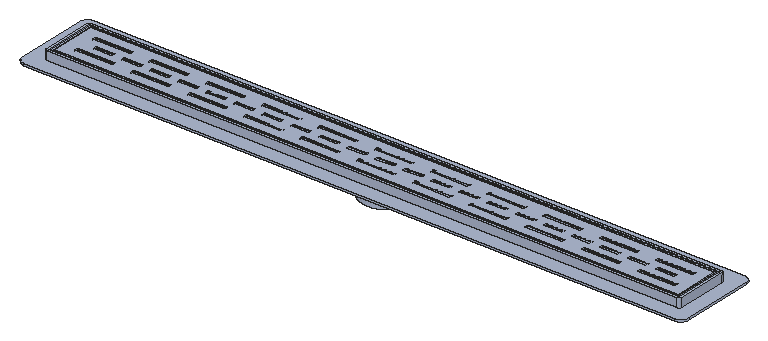
Revit family "BRG-CMP-REJ_REJILLA DE DISEÑO 60 X 8 CM CON TRAMPA v03", category Aparatos sanitarios, Revit 2019
Family settings
  Cota de conector redondo = Diámetro de uso
  Tipo de pieza = Normal
  Número OmniClass = 23.45.00.00
  Título OmniClass = Sanitary, Laundry, and Cleaning Equipment
  Se basa en plano de trabajo = No
  Siempre vertical = Sí
  Corte con vacíos al cargar = No
  Compartido = Sí
  Punto de cálculo de habitación = Sí
Parameters (values of type "REJILLA DE DISEÑO 60 X 8 CM CON TRAMPA")
  _EDESA_ Sku/código = "SZ0020120001CW"
  _EDESA_ Materiales = "Acero inoxidable S304"
  _EDESA_ Garantía = "10 años"
  _EDESA_ Cumple normativa ADA = ""
  _EDESA_ Contacto comercial = "(02) 395 2900"
  _EDESA_ Conexión hidráulica = "Salida de agua: tubería PVC 50"
  _EDESA_ Certificación = "0"
  _EDESA_ Productos necesarios para instalación = ""
  _EDESA_ Productos incluídos = ""
  _EDESA_ Color = "acero inoxidable"
  _EDESA_ Descripción = "Rejilla de piso decorativa."
  _EDESA_ Peso en kg = "1.8 kg"
  _EDESA_ Consumo/capacidad de agua en L = "0"
  _EDESA_ Distancia de instalación en cm (muro terminado) = "0"
  _EDESA_ Tipo de instalación = "Al piso"
  _EDESA_ Profundidad en cm = "8"
  _EDESA_ Categoría = "Productos > Complementos > Rejillas"
  _EDESA_ BIM Manager = "Arq. Milton Ruano"
  _EDESA_ Autor BIM = "www.bimplus.com.ec (bimplus.arquitectura.integrada@gmail.com)"
  _EDESA_ Ancho en cm = "60"
  _EDESA_ Alto en cm = "7"
  _EDESA_ Manual de Instalación = ""
  _EDESA_ Nombre = "REJILLA DE DISEÑO 60 X 8 CM CON TRAMPA"
  _ALT_Eje instalación = 0.60 m
  _ALT_Basamento = 0.85 m
  URL = "https://www.briggs.com.ec/productos/fichastecnicaspdf/Briggs/Complementos/Rejilla_de_diseno_60.pdf"
  Modelo = "REJILLA DE DISEÑO 60 X 8 CM CON TRAMPA"
  Imagen de tipo = <Ninguno>
  Fabricante = "BRIGGS Ecuador"
  Conexión de ventilación = yes
  Conexión de residuos = yes
  Conexión AF = yes
  Conexión AC = yes
Reference planes (m)
  plane 1 "Centro (Frontal/Posterior)": y = 0
  plane 2: z = 0
  plane 3 "Centro (Izquierda/Derecha)": x = 0
Dimensions and locks (m)
  aligned and locked: level to plane 2
  aligned and locked: plane 3 "Centro (Izquierda/Derecha)" to nested 1
  aligned and locked: plane 1 "Centro (Frontal/Posterior)" to nested 1
Nested families (m)
  nested 1: "REJILLA CON TRAMPA" at (0, 0, 0), type "REJILLA DE DISEÑO 60 X 8 CM CON TRAMPA"
Connectors (m)
  piping at (0, 0, -0.045), diameter 0.0514
    settings: on nested 1, index 1, connector inside diameter 609.6 mm, connector length 0.00 m, flow factor 0, pipe flow 0.0 L/s, pressure drop 0.0 Pa, fitting loss kfactor 0, connector angle 0.00°, fixture units 0, engagement length 0.00 m, angle of deflection 0.00°, flow configuration 0, flow direction 2, fitting loss method 0, system type 16, joint type 0, gender type 0, connector reference index -1, connector utility 0, adjustable connector no, is connector primary yes, connector description ""
Definition of nested family "REJILLA CON TRAMPA"
  Parameters (values of type "REJILLA DE DISEÑO 60 X 8 CM CON TRAMPA")
    _EDESA_tipo genérico = "Inodoro"
    _EDESA_URL de ficha técnica = "https://edesa.com.ec/productos/fichastecnicaspdf/Edesa/Sanitarios/Andes.pdf"
    _EDESA_Imagen = 0
    _EDESA_Fábrica nacional = "EDESA Ecuador"
    _EDESA_Código de producto = "JS0022641301CE"
    _EDESA_ Tolerancia dimensional = "± 3% > 20 cm ± 5% < 20 cm"
    _EDESA_ Tipo de montaje / instalación = "30.5 cm"
    _EDESA_ Superficie del agua = "15.5 cm x 18.8 cm"
    _EDESA_ SKU = "JS0022641301CE"
    _EDESA_ Material secundario = "Plástico blanco"
    _EDESA_ Material principal = "Porcelana tono verde mist"
    _EDESA_ Altura = 72.80 m
    _EDESA_ Peso = "23.20 Kg"
    _EDESA_ Nivel mínimo del agua del tanque = "17.5 cm"
    _EDESA_ Largo = 67.50 m
    _EDESA_ Espesor mínimo = "0.6 cm"
    _EDESA_ Diámetro trampa = "4.8 cm"
    _EDESA_ Color = "Blanco"
    _EDESA_ Categoria = "Two pieces"
    _EDESA_ Capacidad / consumo de agua = "4.8 litros"
    _EDESA_ Ancho = 36.50 m
    _EDESA_ Altura de sello = "N/A"
    _ALT_Toma = 0.60 m
    _ALT_Meson = 0.85 m
    URL = "https://edesa.com.ec/productos/fichastecnicaspdf/Edesa/Sanitarios/Andes.pdf"
    Model = "_Edesa_ INODORO ANDES C/A BLANCO"
    Type Image = element 381866
    Manufacturer = "EDESA Ecuador"
    Vent Connection = no
    Waste Connection = no
    CW Connection = no
    HW Connection = no
  Reference planes (m)
    plane 1 "Centro (Frontal/Posterior)": y = 0
    plane 2: z = 0
    plane 3 "Centro (Izquierda/Derecha)": x = 0
    plane 4 "_Alt_Altura de Meson": z = 0.85
    plane 5 "RP_Llave": through (4.2672, -0.123674, 0.899943) normal (0, 0.2588, 0.9659)
    plane 6 "Centro I/E": z = 0.946565
    plane 7 "_RP_Eje": z = 0.6
  Forms (m)
    Extrusion 1, solid
      sketch origin (0, 0, 0) x (1, 0, 0) y (0, 1, 0)
        loop
          arc (-0.473077, 0.063462) -> (-0.481236, 0.060082) -> (-0.484615, 0.051923) r 0.011538
          line (-0.484615, 0.051923) -> (-0.484615, -0.051923)
          arc (-0.484615, -0.051923) -> (-0.481236, -0.060082) -> (-0.473077, -0.063462) r 0.011538
          line (-0.473077, -0.063462) -> (0.473077, -0.063462)
          arc (0.473077, -0.063462) -> (0.481236, -0.060082) -> (0.484615, -0.051923) r 0.011538
          line (0.484615, -0.051923) -> (0.484615, 0.051923)
          arc (0.484615, 0.051923) -> (0.481236, 0.060082) -> (0.473077, 0.063462) r 0.011538
          line (0.473077, 0.063462) -> (-0.473077, 0.063462)
        loop
          arc (0.458769, 0.036923) -> (0.458566, 0.037413) -> (0.458077, 0.037615) r 0.000692
          line (0.458077, 0.037615) -> (-0.458077, 0.037615)
          arc (-0.458077, 0.037615) -> (-0.458566, 0.037413) -> (-0.458769, 0.036923) r 0.000692
          line (-0.458769, 0.036923) -> (-0.458769, -0.036923)
          arc (-0.458769, -0.036923) -> (-0.458566, -0.037413) -> (-0.458077, -0.037615) r 0.000692
          line (-0.458077, -0.037615) -> (0.458077, -0.037615)
          arc (0.458077, -0.037615) -> (0.458566, -0.037413) -> (0.458769, -0.036923) r 0.000692
          line (0.458769, -0.036923) -> (0.458769, 0.036923)
      from -0.014 to -0.012
    Extrusion 2, solid
      sketch origin (0, 0, 0) x (1, 0, 0) y (0, 1, 0)
        loop
          arc (-0.456692, -0.035038) -> (-0.456546, -0.035392) -> (-0.456192, -0.035538) r 0.0005
          line (-0.456192, -0.035538) -> (0.456192, -0.035538)
          arc (0.456192, -0.035538) -> (0.456546, -0.035392) -> (0.456692, -0.035038) r 0.0005
          line (0.456692, -0.035038) -> (0.456692, 0.035038)
          arc (0.456692, 0.035038) -> (0.456546, 0.035392) -> (0.456192, 0.035538) r 0.0005
          line (0.456192, 0.035538) -> (-0.456192, 0.035538)
          arc (-0.456192, 0.035538) -> (-0.456546, 0.035392) -> (-0.456692, 0.035038) r 0.0005
          line (-0.456692, 0.035038) -> (-0.456692, -0.035038)
        loop
          circle (0, 0) r 0.03
      from -0.024 to -0.02
    Extrusion 3, solid
      sketch origin (0, 0, 0) x (1, 0, 0) y (0, 1, 0)
        loop
          arc (-0.453885, 0.034154) -> (-0.454238, 0.034007) -> (-0.454385, 0.033654) r 0.0005
          line (-0.454385, 0.033654) -> (-0.454385, -0.032731)
          arc (-0.454385, -0.032731) -> (-0.454238, -0.033084) -> (-0.453885, -0.033231) r 0.0005
          line (-0.453885, -0.033231) -> (0.453885, -0.033231)
          arc (0.453885, -0.033231) -> (0.454238, -0.033084) -> (0.454385, -0.032731) r 0.0005
          line (0.454385, -0.032731) -> (0.454385, 0.033654)
          arc (0.454385, 0.033654) -> (0.454238, 0.034007) -> (0.453885, 0.034154) r 0.0005
          line (0.453885, 0.034154) -> (-0.453885, 0.034154)
        loop
          arc (0.385122, -0.014759) -> (0.384351, -0.015078) -> (0.384031, -0.01585) r 0.001091
          line (0.384031, -0.01585) -> (0.384031, -0.019122)
          arc (0.384031, -0.019122) -> (0.384351, -0.019894) -> (0.385122, -0.020213) r 0.001091
          line (0.385122, -0.020213) -> (0.437486, -0.020213)
          arc (0.437486, -0.020213) -> (0.438257, -0.019894) -> (0.438577, -0.019122) r 0.001091
          line (0.438577, -0.019122) -> (0.438577, -0.01585)
          arc (0.438577, -0.01585) -> (0.438257, -0.015078) -> (0.437486, -0.014759) r 0.001091
          line (0.437486, -0.014759) -> (0.385122, -0.014759)
        loop
          arc (0.424941, 0.000514) -> (0.424621, 0.001285) -> (0.42385, 0.001605) r 0.001091
          line (0.42385, 0.001605) -> (0.398759, 0.001605)
          arc (0.398759, 0.001605) -> (0.397987, 0.001285) -> (0.397668, 0.000514) r 0.001091
          line (0.397668, 0.000514) -> (0.397668, -0.002759)
          arc (0.397668, -0.002759) -> (0.397987, -0.00353) -> (0.398759, -0.00385) r 0.001091
          line (0.398759, -0.00385) -> (0.42385, -0.00385)
          arc (0.42385, -0.00385) -> (0.424621, -0.00353) -> (0.424941, -0.002759) r 0.001091
          line (0.424941, -0.002759) -> (0.424941, 0.000514)
        loop
          arc (0.385122, 0.017969) -> (0.384351, 0.017649) -> (0.384031, 0.016878) r 0.001091
          line (0.384031, 0.016878) -> (0.384031, 0.013605)
          arc (0.384031, 0.013605) -> (0.384351, 0.012834) -> (0.385122, 0.012514) r 0.001091
          line (0.385122, 0.012514) -> (0.437486, 0.012514)
          arc (0.437486, 0.012514) -> (0.438257, 0.012834) -> (0.438577, 0.013605) r 0.001091
          line (0.438577, 0.013605) -> (0.438577, 0.016878)
          arc (0.438577, 0.016878) -> (0.438257, 0.017649) -> (0.437486, 0.017969) r 0.001091
          line (0.437486, 0.017969) -> (0.385122, 0.017969)
        loop
          arc (0.384031, 0.000514) -> (0.383712, 0.001285) -> (0.382941, 0.001605) r 0.001091
          line (0.382941, 0.001605) -> (0.35785, 0.001605)
          arc (0.35785, 0.001605) -> (0.357078, 0.001285) -> (0.356759, 0.000514) r 0.001091
          line (0.356759, 0.000514) -> (0.356759, -0.002759)
          arc (0.356759, -0.002759) -> (0.357078, -0.00353) -> (0.35785, -0.00385) r 0.001091
          line (0.35785, -0.00385) -> (0.382941, -0.00385)
          arc (0.382941, -0.00385) -> (0.383712, -0.00353) -> (0.384031, -0.002759) r 0.001091
          line (0.384031, -0.002759) -> (0.384031, 0.000514)
        loop
          arc (0.303304, -0.014759) -> (0.302533, -0.015078) -> (0.302213, -0.01585) r 0.001091
          line (0.302213, -0.01585) -> (0.302213, -0.019122)
          arc (0.302213, -0.019122) -> (0.302533, -0.019894) -> (0.303304, -0.020213) r 0.001091
          line (0.303304, -0.020213) -> (0.355668, -0.020213)
          arc (0.355668, -0.020213) -> (0.356439, -0.019894) -> (0.356759, -0.019122) r 0.001091
          line (0.356759, -0.019122) -> (0.356759, -0.01585)
          arc (0.356759, -0.01585) -> (0.356439, -0.015078) -> (0.355668, -0.014759) r 0.001091
          line (0.355668, -0.014759) -> (0.303304, -0.014759)
        loop
          arc (0.343122, 0.000514) -> (0.342803, 0.001285) -> (0.342031, 0.001605) r 0.001091
          line (0.342031, 0.001605) -> (0.316941, 0.001605)
          arc (0.316941, 0.001605) -> (0.316169, 0.001285) -> (0.31585, 0.000514) r 0.001091
          line (0.31585, 0.000514) -> (0.31585, -0.002759)
          arc (0.31585, -0.002759) -> (0.316169, -0.00353) -> (0.316941, -0.00385) r 0.001091
          line (0.316941, -0.00385) -> (0.342031, -0.00385)
          arc (0.342031, -0.00385) -> (0.342803, -0.00353) -> (0.343122, -0.002759) r 0.001091
          line (0.343122, -0.002759) -> (0.343122, 0.000514)
        loop
          arc (0.303304, 0.017969) -> (0.302533, 0.017649) -> (0.302213, 0.016878) r 0.001091
          line (0.302213, 0.016878) -> (0.302213, 0.013605)
          arc (0.302213, 0.013605) -> (0.302533, 0.012834) -> (0.303304, 0.012514) r 0.001091
          line (0.303304, 0.012514) -> (0.355668, 0.012514)
          arc (0.355668, 0.012514) -> (0.356439, 0.012834) -> (0.356759, 0.013605) r 0.001091
          line (0.356759, 0.013605) -> (0.356759, 0.016878)
          arc (0.356759, 0.016878) -> (0.356439, 0.017649) -> (0.355668, 0.017969) r 0.001091
          line (0.355668, 0.017969) -> (0.303304, 0.017969)
        loop
          arc (0.302213, 0.000514) -> (0.301894, 0.001285) -> (0.301122, 0.001605) r 0.001091
          line (0.301122, 0.001605) -> (0.276031, 0.001605)
          arc (0.276031, 0.001605) -> (0.27526, 0.001285) -> (0.274941, 0.000514) r 0.001091
          line (0.274941, 0.000514) -> (0.274941, -0.002759)
          arc (0.274941, -0.002759) -> (0.27526, -0.00353) -> (0.276031, -0.00385) r 0.001091
          line (0.276031, -0.00385) -> (0.301122, -0.00385)
          arc (0.301122, -0.00385) -> (0.301894, -0.00353) -> (0.302213, -0.002759) r 0.001091
          line (0.302213, -0.002759) -> (0.302213, 0.000514)
        loop
          arc (0.221486, -0.014759) -> (0.220715, -0.015078) -> (0.220395, -0.01585) r 0.001091
          line (0.220395, -0.01585) -> (0.220395, -0.019122)
          arc (0.220395, -0.019122) -> (0.220715, -0.019894) -> (0.221486, -0.020213) r 0.001091
          line (0.221486, -0.020213) -> (0.27385, -0.020213)
          arc (0.27385, -0.020213) -> (0.274621, -0.019894) -> (0.274941, -0.019122) r 0.001091
          line (0.274941, -0.019122) -> (0.274941, -0.01585)
          arc (0.274941, -0.01585) -> (0.274621, -0.015078) -> (0.27385, -0.014759) r 0.001091
          line (0.27385, -0.014759) -> (0.221486, -0.014759)
        loop
          arc (0.261304, 0.000514) -> (0.260985, 0.001285) -> (0.260213, 0.001605) r 0.001091
          line (0.260213, 0.001605) -> (0.235122, 0.001605)
          arc (0.235122, 0.001605) -> (0.234351, 0.001285) -> (0.234031, 0.000514) r 0.001091
          line (0.234031, 0.000514) -> (0.234031, -0.002759)
          arc (0.234031, -0.002759) -> (0.234351, -0.00353) -> (0.235122, -0.00385) r 0.001091
          line (0.235122, -0.00385) -> (0.260213, -0.00385)
          arc (0.260213, -0.00385) -> (0.260985, -0.00353) -> (0.261304, -0.002759) r 0.001091
          line (0.261304, -0.002759) -> (0.261304, 0.000514)
        loop
          arc (0.221486, 0.017969) -> (0.220715, 0.017649) -> (0.220395, 0.016878) r 0.001091
          line (0.220395, 0.016878) -> (0.220395, 0.013605)
          arc (0.220395, 0.013605) -> (0.220715, 0.012834) -> (0.221486, 0.012514) r 0.001091
          line (0.221486, 0.012514) -> (0.27385, 0.012514)
          arc (0.27385, 0.012514) -> (0.274621, 0.012834) -> (0.274941, 0.013605) r 0.001091
          line (0.274941, 0.013605) -> (0.274941, 0.016878)
          arc (0.274941, 0.016878) -> (0.274621, 0.017649) -> (0.27385, 0.017969) r 0.001091
          line (0.27385, 0.017969) -> (0.221486, 0.017969)
        loop
          arc (0.220395, 0.000514) -> (0.220076, 0.001285) -> (0.219304, 0.001605) r 0.001091
          line (0.219304, 0.001605) -> (0.194213, 0.001605)
          arc (0.194213, 0.001605) -> (0.193442, 0.001285) -> (0.193122, 0.000514) r 0.001091
          line (0.193122, 0.000514) -> (0.193122, -0.002759)
          arc (0.193122, -0.002759) -> (0.193442, -0.00353) -> (0.194213, -0.00385) r 0.001091
          line (0.194213, -0.00385) -> (0.219304, -0.00385)
          arc (0.219304, -0.00385) -> (0.220076, -0.00353) -> (0.220395, -0.002759) r 0.001091
          line (0.220395, -0.002759) -> (0.220395, 0.000514)
        loop
          arc (0.139668, -0.014759) -> (0.138896, -0.015078) -> (0.138577, -0.01585) r 0.001091
          line (0.138577, -0.01585) -> (0.138577, -0.019122)
          arc (0.138577, -0.019122) -> (0.138896, -0.019894) -> (0.139668, -0.020213) r 0.001091
          line (0.139668, -0.020213) -> (0.192031, -0.020213)
          arc (0.192031, -0.020213) -> (0.192803, -0.019894) -> (0.193122, -0.019122) r 0.001091
          line (0.193122, -0.019122) -> (0.193122, -0.01585)
          arc (0.193122, -0.01585) -> (0.192803, -0.015078) -> (0.192031, -0.014759) r 0.001091
          line (0.192031, -0.014759) -> (0.139668, -0.014759)
        loop
          arc (0.179486, 0.000514) -> (0.179166, 0.001285) -> (0.178395, 0.001605) r 0.001091
          line (0.178395, 0.001605) -> (0.153304, 0.001605)
          arc (0.153304, 0.001605) -> (0.152533, 0.001285) -> (0.152213, 0.000514) r 0.001091
          line (0.152213, 0.000514) -> (0.152213, -0.002759)
          arc (0.152213, -0.002759) -> (0.152533, -0.00353) -> (0.153304, -0.00385) r 0.001091
          line (0.153304, -0.00385) -> (0.178395, -0.00385)
          arc (0.178395, -0.00385) -> (0.179166, -0.00353) -> (0.179486, -0.002759) r 0.001091
          line (0.179486, -0.002759) -> (0.179486, 0.000514)
        loop
          arc (0.139668, 0.017969) -> (0.138896, 0.017649) -> (0.138577, 0.016878) r 0.001091
          line (0.138577, 0.016878) -> (0.138577, 0.013605)
          arc (0.138577, 0.013605) -> (0.138896, 0.012834) -> (0.139668, 0.012514) r 0.001091
          line (0.139668, 0.012514) -> (0.192031, 0.012514)
          arc (0.192031, 0.012514) -> (0.192803, 0.012834) -> (0.193122, 0.013605) r 0.001091
          line (0.193122, 0.013605) -> (0.193122, 0.016878)
          arc (0.193122, 0.016878) -> (0.192803, 0.017649) -> (0.192031, 0.017969) r 0.001091
          line (0.192031, 0.017969) -> (0.139668, 0.017969)
        loop
          arc (0.138577, 0.000514) -> (0.138257, 0.001285) -> (0.137486, 0.001605) r 0.001091
          line (0.137486, 0.001605) -> (0.112395, 0.001605)
          arc (0.112395, 0.001605) -> (0.111624, 0.001285) -> (0.111304, 0.000514) r 0.001091
          line (0.111304, 0.000514) -> (0.111304, -0.002759)
          arc (0.111304, -0.002759) -> (0.111624, -0.00353) -> (0.112395, -0.00385) r 0.001091
          line (0.112395, -0.00385) -> (0.137486, -0.00385)
          arc (0.137486, -0.00385) -> (0.138257, -0.00353) -> (0.138577, -0.002759) r 0.001091
          line (0.138577, -0.002759) -> (0.138577, 0.000514)
        loop
          arc (0.05785, -0.014759) -> (0.057078, -0.015078) -> (0.056759, -0.01585) r 0.001091
          line (0.056759, -0.01585) -> (0.056759, -0.019122)
          arc (0.056759, -0.019122) -> (0.057078, -0.019894) -> (0.05785, -0.020213) r 0.001091
          line (0.05785, -0.020213) -> (0.110213, -0.020213)
          arc (0.110213, -0.020213) -> (0.110985, -0.019894) -> (0.111304, -0.019122) r 0.001091
          line (0.111304, -0.019122) -> (0.111304, -0.01585)
          arc (0.111304, -0.01585) -> (0.110985, -0.015078) -> (0.110213, -0.014759) r 0.001091
          line (0.110213, -0.014759) -> (0.05785, -0.014759)
        loop
          arc (0.097668, 0.000514) -> (0.097348, 0.001285) -> (0.096577, 0.001605) r 0.001091
          line (0.096577, 0.001605) -> (0.071486, 0.001605)
          arc (0.071486, 0.001605) -> (0.070715, 0.001285) -> (0.070395, 0.000514) r 0.001091
          line (0.070395, 0.000514) -> (0.070395, -0.002759)
          arc (0.070395, -0.002759) -> (0.070715, -0.00353) -> (0.071486, -0.00385) r 0.001091
          line (0.071486, -0.00385) -> (0.096577, -0.00385)
          arc (0.096577, -0.00385) -> (0.097348, -0.00353) -> (0.097668, -0.002759) r 0.001091
          line (0.097668, -0.002759) -> (0.097668, 0.000514)
        loop
          arc (0.05785, 0.017969) -> (0.057078, 0.017649) -> (0.056759, 0.016878) r 0.001091
          line (0.056759, 0.016878) -> (0.056759, 0.013605)
          arc (0.056759, 0.013605) -> (0.057078, 0.012834) -> (0.05785, 0.012514) r 0.001091
          line (0.05785, 0.012514) -> (0.110213, 0.012514)
          arc (0.110213, 0.012514) -> (0.110985, 0.012834) -> (0.111304, 0.013605) r 0.001091
          line (0.111304, 0.013605) -> (0.111304, 0.016878)
          arc (0.111304, 0.016878) -> (0.110985, 0.017649) -> (0.110213, 0.017969) r 0.001091
          line (0.110213, 0.017969) -> (0.05785, 0.017969)
        loop
          arc (0.056759, 0.000514) -> (0.056439, 0.001285) -> (0.055668, 0.001605) r 0.001091
          line (0.055668, 0.001605) -> (0.030577, 0.001605)
          arc (0.030577, 0.001605) -> (0.029806, 0.001285) -> (0.029486, 0.000514) r 0.001091
          line (0.029486, 0.000514) -> (0.029486, -0.002759)
          arc (0.029486, -0.002759) -> (0.029806, -0.00353) -> (0.030577, -0.00385) r 0.001091
          line (0.030577, -0.00385) -> (0.055668, -0.00385)
          arc (0.055668, -0.00385) -> (0.056439, -0.00353) -> (0.056759, -0.002759) r 0.001091
          line (0.056759, -0.002759) -> (0.056759, 0.000514)
        loop
          arc (-0.023969, -0.014759) -> (-0.02474, -0.015078) -> (-0.025059, -0.01585) r 0.001091
          line (-0.025059, -0.01585) -> (-0.025059, -0.019122)
          arc (-0.025059, -0.019122) -> (-0.02474, -0.019894) -> (-0.023969, -0.020213) r 0.001091
          line (-0.023969, -0.020213) -> (0.028395, -0.020213)
          arc (0.028395, -0.020213) -> (0.029166, -0.019894) -> (0.029486, -0.019122) r 0.001091
          line (0.029486, -0.019122) -> (0.029486, -0.01585)
          arc (0.029486, -0.01585) -> (0.029166, -0.015078) -> (0.028395, -0.014759) r 0.001091
          line (0.028395, -0.014759) -> (-0.023969, -0.014759)
        loop
          arc (0.01585, 0.000514) -> (0.01553, 0.001285) -> (0.014759, 0.001605) r 0.001091
          line (0.014759, 0.001605) -> (-0.010332, 0.001605)
          arc (-0.010332, 0.001605) -> (-0.011104, 0.001285) -> (-0.011423, 0.000514) r 0.001091
          line (-0.011423, 0.000514) -> (-0.011423, -0.002759)
          arc (-0.011423, -0.002759) -> (-0.011104, -0.00353) -> (-0.010332, -0.00385) r 0.001091
          line (-0.010332, -0.00385) -> (0.014759, -0.00385)
          arc (0.014759, -0.00385) -> (0.01553, -0.00353) -> (0.01585, -0.002759) r 0.001091
          line (0.01585, -0.002759) -> (0.01585, 0.000514)
        loop
          arc (-0.023969, 0.017969) -> (-0.02474, 0.017649) -> (-0.025059, 0.016878) r 0.001091
          line (-0.025059, 0.016878) -> (-0.025059, 0.013605)
          arc (-0.025059, 0.013605) -> (-0.02474, 0.012834) -> (-0.023969, 0.012514) r 0.001091
          line (-0.023969, 0.012514) -> (0.028395, 0.012514)
          arc (0.028395, 0.012514) -> (0.029166, 0.012834) -> (0.029486, 0.013605) r 0.001091
          line (0.029486, 0.013605) -> (0.029486, 0.016878)
          arc (0.029486, 0.016878) -> (0.029166, 0.017649) -> (0.028395, 0.017969) r 0.001091
          line (0.028395, 0.017969) -> (-0.023969, 0.017969)
        loop
          arc (-0.025059, 0.000514) -> (-0.025379, 0.001285) -> (-0.02615, 0.001605) r 0.001091
          line (-0.02615, 0.001605) -> (-0.051241, 0.001605)
          arc (-0.051241, 0.001605) -> (-0.052013, 0.001285) -> (-0.052332, 0.000514) r 0.001091
          line (-0.052332, 0.000514) -> (-0.052332, -0.002759)
          arc (-0.052332, -0.002759) -> (-0.052013, -0.00353) -> (-0.051241, -0.00385) r 0.001091
          line (-0.051241, -0.00385) -> (-0.02615, -0.00385)
          arc (-0.02615, -0.00385) -> (-0.025379, -0.00353) -> (-0.025059, -0.002759) r 0.001091
          line (-0.025059, -0.002759) -> (-0.025059, 0.000514)
        loop
          arc (-0.105787, -0.014759) -> (-0.106558, -0.015078) -> (-0.106878, -0.01585) r 0.001091
          line (-0.106878, -0.01585) -> (-0.106878, -0.019122)
          arc (-0.106878, -0.019122) -> (-0.106558, -0.019894) -> (-0.105787, -0.020213) r 0.001091
          line (-0.105787, -0.020213) -> (-0.053423, -0.020213)
          arc (-0.053423, -0.020213) -> (-0.052652, -0.019894) -> (-0.052332, -0.019122) r 0.001091
          line (-0.052332, -0.019122) -> (-0.052332, -0.01585)
          arc (-0.052332, -0.01585) -> (-0.052652, -0.015078) -> (-0.053423, -0.014759) r 0.001091
          line (-0.053423, -0.014759) -> (-0.105787, -0.014759)
        loop
          arc (-0.065969, 0.000514) -> (-0.066288, 0.001285) -> (-0.067059, 0.001605) r 0.001091
          line (-0.067059, 0.001605) -> (-0.09215, 0.001605)
          arc (-0.09215, 0.001605) -> (-0.092922, 0.001285) -> (-0.093241, 0.000514) r 0.001091
          line (-0.093241, 0.000514) -> (-0.093241, -0.002759)
          arc (-0.093241, -0.002759) -> (-0.092922, -0.00353) -> (-0.09215, -0.00385) r 0.001091
          line (-0.09215, -0.00385) -> (-0.067059, -0.00385)
          arc (-0.067059, -0.00385) -> (-0.066288, -0.00353) -> (-0.065969, -0.002759) r 0.001091
          line (-0.065969, -0.002759) -> (-0.065969, 0.000514)
        loop
          arc (-0.105787, 0.017969) -> (-0.106558, 0.017649) -> (-0.106878, 0.016878) r 0.001091
          line (-0.106878, 0.016878) -> (-0.106878, 0.013605)
          arc (-0.106878, 0.013605) -> (-0.106558, 0.012834) -> (-0.105787, 0.012514) r 0.001091
          line (-0.105787, 0.012514) -> (-0.053423, 0.012514)
          arc (-0.053423, 0.012514) -> (-0.052652, 0.012834) -> (-0.052332, 0.013605) r 0.001091
          line (-0.052332, 0.013605) -> (-0.052332, 0.016878)
          arc (-0.052332, 0.016878) -> (-0.052652, 0.017649) -> (-0.053423, 0.017969) r 0.001091
          line (-0.053423, 0.017969) -> (-0.105787, 0.017969)
        loop
          arc (-0.106878, 0.000514) -> (-0.107197, 0.001285) -> (-0.107969, 0.001605) r 0.001091
          line (-0.107969, 0.001605) -> (-0.133059, 0.001605)
          arc (-0.133059, 0.001605) -> (-0.133831, 0.001285) -> (-0.13415, 0.000514) r 0.001091
          line (-0.13415, 0.000514) -> (-0.13415, -0.002759)
          arc (-0.13415, -0.002759) -> (-0.133831, -0.00353) -> (-0.133059, -0.00385) r 0.001091
          line (-0.133059, -0.00385) -> (-0.107969, -0.00385)
          arc (-0.107969, -0.00385) -> (-0.107197, -0.00353) -> (-0.106878, -0.002759) r 0.001091
          line (-0.106878, -0.002759) -> (-0.106878, 0.000514)
        loop
          arc (-0.187605, -0.014759) -> (-0.188376, -0.015078) -> (-0.188696, -0.01585) r 0.001091
          line (-0.188696, -0.01585) -> (-0.188696, -0.019122)
          arc (-0.188696, -0.019122) -> (-0.188376, -0.019894) -> (-0.187605, -0.020213) r 0.001091
          line (-0.187605, -0.020213) -> (-0.135241, -0.020213)
          arc (-0.135241, -0.020213) -> (-0.13447, -0.019894) -> (-0.13415, -0.019122) r 0.001091
          line (-0.13415, -0.019122) -> (-0.13415, -0.01585)
          arc (-0.13415, -0.01585) -> (-0.13447, -0.015078) -> (-0.135241, -0.014759) r 0.001091
          line (-0.135241, -0.014759) -> (-0.187605, -0.014759)
        loop
          arc (-0.147787, 0.000514) -> (-0.148106, 0.001285) -> (-0.148878, 0.001605) r 0.001091
          line (-0.148878, 0.001605) -> (-0.173969, 0.001605)
          arc (-0.173969, 0.001605) -> (-0.17474, 0.001285) -> (-0.175059, 0.000514) r 0.001091
          line (-0.175059, 0.000514) -> (-0.175059, -0.002759)
          arc (-0.175059, -0.002759) -> (-0.17474, -0.00353) -> (-0.173969, -0.00385) r 0.001091
          line (-0.173969, -0.00385) -> (-0.148878, -0.00385)
          arc (-0.148878, -0.00385) -> (-0.148106, -0.00353) -> (-0.147787, -0.002759) r 0.001091
          line (-0.147787, -0.002759) -> (-0.147787, 0.000514)
        loop
          arc (-0.187605, 0.017969) -> (-0.188376, 0.017649) -> (-0.188696, 0.016878) r 0.001091
          line (-0.188696, 0.016878) -> (-0.188696, 0.013605)
          arc (-0.188696, 0.013605) -> (-0.188376, 0.012834) -> (-0.187605, 0.012514) r 0.001091
          line (-0.187605, 0.012514) -> (-0.135241, 0.012514)
          arc (-0.135241, 0.012514) -> (-0.13447, 0.012834) -> (-0.13415, 0.013605) r 0.001091
          line (-0.13415, 0.013605) -> (-0.13415, 0.016878)
          arc (-0.13415, 0.016878) -> (-0.13447, 0.017649) -> (-0.135241, 0.017969) r 0.001091
          line (-0.135241, 0.017969) -> (-0.187605, 0.017969)
        loop
          arc (-0.188696, 0.000514) -> (-0.189015, 0.001285) -> (-0.189787, 0.001605) r 0.001091
          line (-0.189787, 0.001605) -> (-0.214878, 0.001605)
          arc (-0.214878, 0.001605) -> (-0.215649, 0.001285) -> (-0.215969, 0.000514) r 0.001091
          line (-0.215969, 0.000514) -> (-0.215969, -0.002759)
          arc (-0.215969, -0.002759) -> (-0.215649, -0.00353) -> (-0.214878, -0.00385) r 0.001091
          line (-0.214878, -0.00385) -> (-0.189787, -0.00385)
          arc (-0.189787, -0.00385) -> (-0.189015, -0.00353) -> (-0.188696, -0.002759) r 0.001091
          line (-0.188696, -0.002759) -> (-0.188696, 0.000514)
        loop
          arc (-0.269423, -0.014759) -> (-0.270194, -0.015078) -> (-0.270514, -0.01585) r 0.001091
          line (-0.270514, -0.01585) -> (-0.270514, -0.019122)
          arc (-0.270514, -0.019122) -> (-0.270194, -0.019894) -> (-0.269423, -0.020213) r 0.001091
          line (-0.269423, -0.020213) -> (-0.217059, -0.020213)
          arc (-0.217059, -0.020213) -> (-0.216288, -0.019894) -> (-0.215969, -0.019122) r 0.001091
          line (-0.215969, -0.019122) -> (-0.215969, -0.01585)
          arc (-0.215969, -0.01585) -> (-0.216288, -0.015078) -> (-0.217059, -0.014759) r 0.001091
          line (-0.217059, -0.014759) -> (-0.269423, -0.014759)
        loop
          arc (-0.229605, 0.000514) -> (-0.229924, 0.001285) -> (-0.230696, 0.001605) r 0.001091
          line (-0.230696, 0.001605) -> (-0.255787, 0.001605)
          arc (-0.255787, 0.001605) -> (-0.256558, 0.001285) -> (-0.256878, 0.000514) r 0.001091
          line (-0.256878, 0.000514) -> (-0.256878, -0.002759)
          arc (-0.256878, -0.002759) -> (-0.256558, -0.00353) -> (-0.255787, -0.00385) r 0.001091
          line (-0.255787, -0.00385) -> (-0.230696, -0.00385)
          arc (-0.230696, -0.00385) -> (-0.229924, -0.00353) -> (-0.229605, -0.002759) r 0.001091
          line (-0.229605, -0.002759) -> (-0.229605, 0.000514)
        loop
          arc (-0.269423, 0.017969) -> (-0.270194, 0.017649) -> (-0.270514, 0.016878) r 0.001091
          line (-0.270514, 0.016878) -> (-0.270514, 0.013605)
          arc (-0.270514, 0.013605) -> (-0.270194, 0.012834) -> (-0.269423, 0.012514) r 0.001091
          line (-0.269423, 0.012514) -> (-0.217059, 0.012514)
          arc (-0.217059, 0.012514) -> (-0.216288, 0.012834) -> (-0.215969, 0.013605) r 0.001091
          line (-0.215969, 0.013605) -> (-0.215969, 0.016878)
          arc (-0.215969, 0.016878) -> (-0.216288, 0.017649) -> (-0.217059, 0.017969) r 0.001091
          line (-0.217059, 0.017969) -> (-0.269423, 0.017969)
        loop
          arc (-0.270514, 0.000514) -> (-0.270834, 0.001285) -> (-0.271605, 0.001605) r 0.001091
          line (-0.271605, 0.001605) -> (-0.296696, 0.001605)
          arc (-0.296696, 0.001605) -> (-0.297467, 0.001285) -> (-0.297787, 0.000514) r 0.001091
          line (-0.297787, 0.000514) -> (-0.297787, -0.002759)
          arc (-0.297787, -0.002759) -> (-0.297467, -0.00353) -> (-0.296696, -0.00385) r 0.001091
          line (-0.296696, -0.00385) -> (-0.271605, -0.00385)
          arc (-0.271605, -0.00385) -> (-0.270834, -0.00353) -> (-0.270514, -0.002759) r 0.001091
          line (-0.270514, -0.002759) -> (-0.270514, 0.000514)
        loop
          arc (-0.351241, -0.014759) -> (-0.352013, -0.015078) -> (-0.352332, -0.01585) r 0.001091
          line (-0.352332, -0.01585) -> (-0.352332, -0.019122)
          arc (-0.352332, -0.019122) -> (-0.352013, -0.019894) -> (-0.351241, -0.020213) r 0.001091
          line (-0.351241, -0.020213) -> (-0.298878, -0.020213)
          arc (-0.298878, -0.020213) -> (-0.298106, -0.019894) -> (-0.297787, -0.019122) r 0.001091
          line (-0.297787, -0.019122) -> (-0.297787, -0.01585)
          arc (-0.297787, -0.01585) -> (-0.298106, -0.015078) -> (-0.298878, -0.014759) r 0.001091
          line (-0.298878, -0.014759) -> (-0.351241, -0.014759)
        loop
          arc (-0.311423, 0.000514) -> (-0.311743, 0.001285) -> (-0.312514, 0.001605) r 0.001091
          line (-0.312514, 0.001605) -> (-0.337605, 0.001605)
          arc (-0.337605, 0.001605) -> (-0.338376, 0.001285) -> (-0.338696, 0.000514) r 0.001091
          line (-0.338696, 0.000514) -> (-0.338696, -0.002759)
          arc (-0.338696, -0.002759) -> (-0.338376, -0.00353) -> (-0.337605, -0.00385) r 0.001091
          line (-0.337605, -0.00385) -> (-0.312514, -0.00385)
          arc (-0.312514, -0.00385) -> (-0.311743, -0.00353) -> (-0.311423, -0.002759) r 0.001091
          line (-0.311423, -0.002759) -> (-0.311423, 0.000514)
        loop
          arc (-0.351241, 0.017969) -> (-0.352013, 0.017649) -> (-0.352332, 0.016878) r 0.001091
          line (-0.352332, 0.016878) -> (-0.352332, 0.013605)
          arc (-0.352332, 0.013605) -> (-0.352013, 0.012834) -> (-0.351241, 0.012514) r 0.001091
          line (-0.351241, 0.012514) -> (-0.298878, 0.012514)
          arc (-0.298878, 0.012514) -> (-0.298106, 0.012834) -> (-0.297787, 0.013605) r 0.001091
          line (-0.297787, 0.013605) -> (-0.297787, 0.016878)
          arc (-0.297787, 0.016878) -> (-0.298106, 0.017649) -> (-0.298878, 0.017969) r 0.001091
          line (-0.298878, 0.017969) -> (-0.351241, 0.017969)
        loop
          arc (-0.352332, 0.000514) -> (-0.352652, 0.001285) -> (-0.353423, 0.001605) r 0.001091
          line (-0.353423, 0.001605) -> (-0.378514, 0.001605)
          arc (-0.378514, 0.001605) -> (-0.379285, 0.001285) -> (-0.379605, 0.000514) r 0.001091
          line (-0.379605, 0.000514) -> (-0.379605, -0.002759)
          arc (-0.379605, -0.002759) -> (-0.379285, -0.00353) -> (-0.378514, -0.00385) r 0.001091
          line (-0.378514, -0.00385) -> (-0.353423, -0.00385)
          arc (-0.353423, -0.00385) -> (-0.352652, -0.00353) -> (-0.352332, -0.002759) r 0.001091
          line (-0.352332, -0.002759) -> (-0.352332, 0.000514)
        loop
          arc (-0.433059, -0.014759) -> (-0.433831, -0.015078) -> (-0.43415, -0.01585) r 0.001091
          line (-0.43415, -0.01585) -> (-0.43415, -0.019122)
          arc (-0.43415, -0.019122) -> (-0.433831, -0.019894) -> (-0.433059, -0.020213) r 0.001091
          line (-0.433059, -0.020213) -> (-0.380696, -0.020213)
          arc (-0.380696, -0.020213) -> (-0.379924, -0.019894) -> (-0.379605, -0.019122) r 0.001091
          line (-0.379605, -0.019122) -> (-0.379605, -0.01585)
          arc (-0.379605, -0.01585) -> (-0.379924, -0.015078) -> (-0.380696, -0.014759) r 0.001091
          line (-0.380696, -0.014759) -> (-0.433059, -0.014759)
        loop
          arc (-0.393241, 0.000514) -> (-0.393561, 0.001285) -> (-0.394332, 0.001605) r 0.001091
          line (-0.394332, 0.001605) -> (-0.419423, 0.001605)
          arc (-0.419423, 0.001605) -> (-0.420194, 0.001285) -> (-0.420514, 0.000514) r 0.001091
          line (-0.420514, 0.000514) -> (-0.420514, -0.002759)
          arc (-0.420514, -0.002759) -> (-0.420194, -0.00353) -> (-0.419423, -0.00385) r 0.001091
          line (-0.419423, -0.00385) -> (-0.394332, -0.00385)
          arc (-0.394332, -0.00385) -> (-0.393561, -0.00353) -> (-0.393241, -0.002759) r 0.001091
          line (-0.393241, -0.002759) -> (-0.393241, 0.000514)
        loop
          arc (-0.433059, 0.017969) -> (-0.433831, 0.017649) -> (-0.43415, 0.016878) r 0.001091
          line (-0.43415, 0.016878) -> (-0.43415, 0.013605)
          arc (-0.43415, 0.013605) -> (-0.433831, 0.012834) -> (-0.433059, 0.012514) r 0.001091
          line (-0.433059, 0.012514) -> (-0.380696, 0.012514)
          arc (-0.380696, 0.012514) -> (-0.379924, 0.012834) -> (-0.379605, 0.013605) r 0.001091
          line (-0.379605, 0.013605) -> (-0.379605, 0.016878)
          arc (-0.379605, 0.016878) -> (-0.379924, 0.017649) -> (-0.380696, 0.017969) r 0.001091
          line (-0.380696, 0.017969) -> (-0.433059, 0.017969)
      from -0.001 to 0
    Extrusion 4, solid
      sketch origin (0, 0, 0) x (1, 0, 0) y (0, 1, 0)
        loop
          arc (-0.458077, 0.040385) -> (-0.460525, 0.039371) -> (-0.461538, 0.036923) r 0.003462
          line (-0.461538, 0.036923) -> (-0.461538, -0.036923)
          arc (-0.461538, -0.036923) -> (-0.460525, -0.039371) -> (-0.458077, -0.040385) r 0.003462
          line (-0.458077, -0.040385) -> (0.458077, -0.040385)
          arc (0.458077, -0.040385) -> (0.460525, -0.039371) -> (0.461538, -0.036923) r 0.003462
          line (0.461538, -0.036923) -> (0.461538, 0.036923)
          arc (0.461538, 0.036923) -> (0.460525, 0.039371) -> (0.458077, 0.040385) r 0.003462
          line (0.458077, 0.040385) -> (-0.458077, 0.040385)
        loop
          line (-0.458769, 0.036923) -> (-0.458769, -0.036923)
          arc (-0.458769, -0.036923) -> (-0.458566, -0.037413) -> (-0.458077, -0.037615) r 0.000692
          line (-0.458077, -0.037615) -> (0.458077, -0.037615)
          arc (0.458077, -0.037615) -> (0.458566, -0.037413) -> (0.458769, -0.036923) r 0.000692
          line (0.458769, -0.036923) -> (0.458769, 0.036923)
          arc (0.458769, 0.036923) -> (0.458566, 0.037413) -> (0.458077, 0.037615) r 0.000692
          line (0.458077, 0.037615) -> (-0.458077, 0.037615)
          arc (-0.458077, 0.037615) -> (-0.458566, 0.037413) -> (-0.458769, 0.036923) r 0.000692
      from -0.014 to 0
    Extrusion 5, solid
      sketch origin (0, 0, 0) x (1, 0, 0) y (0, 1, 0)
        loop
          circle (0, 0) r 0.03
        loop
          circle (0, 0) r 0.032
      from -0.045 to -0.021664
    Extrusion 6, solid
      sketch origin (0, 0, 0) x (1, 0, 0) y (0, 1, 0)
        loop
          line (0.453885, 0.034154) -> (-0.453885, 0.034154)
          arc (-0.453885, 0.034154) -> (-0.454238, 0.034007) -> (-0.454385, 0.033654) r 0.0005
          line (-0.454385, 0.033654) -> (-0.454385, -0.032731)
          arc (-0.454385, -0.032731) -> (-0.454238, -0.033084) -> (-0.453885, -0.033231) r 0.0005
          line (-0.453885, -0.033231) -> (0.453885, -0.033231)
          arc (0.453885, -0.033231) -> (0.454238, -0.033084) -> (0.454385, -0.032731) r 0.0005
          line (0.454385, -0.032731) -> (0.454385, 0.033654)
          arc (0.454385, 0.033654) -> (0.454238, 0.034007) -> (0.453885, 0.034154) r 0.0005
        loop
          arc (-0.456692, -0.035038) -> (-0.456546, -0.035392) -> (-0.456192, -0.035538) r 0.0005
          line (-0.456192, -0.035538) -> (0.456192, -0.035538)
          arc (0.456192, -0.035538) -> (0.456546, -0.035392) -> (0.456692, -0.035038) r 0.0005
          line (0.456692, -0.035038) -> (0.456692, 0.035038)
          arc (0.456692, 0.035038) -> (0.456546, 0.035392) -> (0.456192, 0.035538) r 0.0005
          line (0.456192, 0.035538) -> (-0.456192, 0.035538)
          arc (-0.456192, 0.035538) -> (-0.456546, 0.035392) -> (-0.456692, 0.035038) r 0.0005
          line (-0.456692, 0.035038) -> (-0.456692, -0.035038)
      from -0.02 to 0
  Dimensions and locks (m)
    plane 4 "_Alt_Altura de Meson" to level = 0.85 m
    "_ALT_Toma": plane 7 "_RP_Eje" to plane 2
    "_ALT_Meson": plane 4 "_Alt_Altura de Meson" to plane 2
    aligned and locked: level to plane 2
  Automatic sketch dimensions
    plane 1 "Centro (Frontal/Posterior)" to Extrusion 1 sketch curve = 0.051923 m
    Extrusion 1 sketch curve to plane 3 "Centro (Izquierda/Derecha)" = 0.484615 m
    Extrusion 1 sketch curve to Extrusion 1 sketch curve = 0.011538 m  (x3)
    Extrusion 1 sketch curve to Extrusion 1 sketch curve = 0.014308 m  (x2)
    Extrusion 1 sketch curve to Extrusion 1 sketch curve = 0.000692 m  (x3)
    plane 1 "Centro (Frontal/Posterior)" to Extrusion 1 sketch curve = 0.036923 m
    plane 3 "Centro (Izquierda/Derecha)" to Extrusion 1 sketch curve = 0.458077 m
    Extrusion 1 sketch curve to Extrusion 1 sketch curve = 0.00 m
    Extrusion 1 sketch curve to Extrusion 1 sketch curve = 0.015 m  (x2)
    Extrusion 1 sketch curve to plane 1 "Centro (Frontal/Posterior)" = 0.036923 m
    Extrusion 3 sketch curve to Extrusion 3 sketch curve = 0.0005 m  (x3)
    Extrusion 3 sketch curve to Extrusion 3 sketch curve = 0.001091 m  (x159)
    plane 1 "Centro (Frontal/Posterior)" to Extrusion 3 sketch curve = 0.002759 m  (x39)
    Extrusion 3 sketch curve to Extrusion 3 sketch curve = 0.025091 m  (x20)
    Extrusion 3 sketch curve to Extrusion 3 sketch curve = 0.013636 m  (x18)
    Extrusion 3 sketch curve to Extrusion 3 sketch curve = 0.00 m  (x24)
    Extrusion 3 sketch curve to plane 1 "Centro (Frontal/Posterior)" = 0.000514 m  (x21)
    Extrusion 3 sketch curve to Extrusion 3 sketch curve = 0.012545 m  (x16)
    Extrusion 3 sketch curve to plane 3 "Centro (Izquierda/Derecha)" = 0.011423 m
    plane 3 "Centro (Izquierda/Derecha)" to Extrusion 3 sketch curve = 0.014759 m
    Extrusion 3 sketch curve to Extrusion 3 sketch curve = 0.015308 m
    Extrusion 3 sketch curve to Extrusion 3 sketch curve = 0.016399 m
    Extrusion 3 sketch curve to Extrusion 3 sketch curve = 0.010909 m  (x22)
    Extrusion 3 sketch curve to Extrusion 3 sketch curve = 0.003273 m  (x22)
    Extrusion 3 sketch curve to Extrusion 3 sketch curve = 0.013608 m
    plane 1 "Centro (Frontal/Posterior)" to Extrusion 3 sketch curve = 0.00385 m
    Extrusion 3 sketch curve to Extrusion 3 sketch curve = 0.016776 m
    Extrusion 3 sketch curve to Extrusion 3 sketch curve = 0.019734 m
    Extrusion 2 sketch curve to Extrusion 2 sketch curve = 0.0005 m  (x4)
    Extrusion 4 sketch curve to Extrusion 4 sketch curve = 0.00 m  (x9)
    plane 1 "Centro (Frontal/Posterior)" to Extrusion 4 sketch curve = 0.036923 m
    Extrusion 4 sketch curve to plane 3 "Centro (Izquierda/Derecha)" = 0.461538 m
    Extrusion 4 sketch curve to Extrusion 4 sketch curve = 0.002769 m
    Extrusion 4 sketch curve to Extrusion 4 sketch curve = 0.000692 m  (x3)
    Extrusion 4 sketch curve to plane 1 "Centro (Frontal/Posterior)" = 0.037615 m
    plane 3 "Centro (Izquierda/Derecha)" to Extrusion 4 sketch curve = 0.458077 m
    plane 1 "Centro (Frontal/Posterior)" to Extrusion 5 sketch curve = 0.00 m
    Extrusion 5 sketch curve to plane 3 "Centro (Izquierda/Derecha)" = 0.00 m
    plane 1 "Centro (Frontal/Posterior)" to Extrusion 2 sketch curve = 0.035038 m
    Extrusion 2 sketch curve to plane 3 "Centro (Izquierda/Derecha)" = 0.456692 m
    Extrusion 2 sketch curve to plane 1 "Centro (Frontal/Posterior)" = 0.035538 m
    plane 3 "Centro (Izquierda/Derecha)" to Extrusion 2 sketch curve = 0.456192 m
    plane 1 "Centro (Frontal/Posterior)" to Extrusion 6 sketch curve = 0.035038 m
    Extrusion 6 sketch curve to plane 3 "Centro (Izquierda/Derecha)" = 0.456692 m
    Extrusion 6 sketch curve to Extrusion 6 sketch curve = 0.0005 m  (x6)
    Extrusion 6 sketch curve to Extrusion 6 sketch curve = 0.001808 m  (x2)
    Extrusion 6 sketch curve to plane 1 "Centro (Frontal/Posterior)" = 0.033654 m
    plane 3 "Centro (Izquierda/Derecha)" to Extrusion 6 sketch curve = 0.453885 m
    plane 1 "Centro (Frontal/Posterior)" to Extrusion 6 sketch curve = 0.033231 m
    Extrusion 6 sketch curve to Extrusion 6 sketch curve = 0.00 m
    Extrusion 6 sketch curve to Extrusion 6 sketch curve = 0.002308 m
    Extrusion 6 sketch curve to Extrusion 6 sketch curve = 0.001385 m
    Extrusion 2 sketch curve to Extrusion 2 sketch curve = 0.00 m  (x2)
    plane 1 "Centro (Frontal/Posterior)" to Extrusion 2 sketch curve = 0.00 m
    Extrusion 2 sketch curve to plane 3 "Centro (Izquierda/Derecha)" = 0.00 m
    Extrusion 2 sketch curve to plane 3 "Centro (Izquierda/Derecha)" = 0.03 m
    radius of Extrusion 5 sketch curve = 0.03 m
  Connectors (m)
    piping at (0, 0, -0.045), diameter 0.0762
      settings: on Extrusion 5, index 1, connector inside diameter 609.6 mm, connector length 0.00 m, flow factor 0, pipe flow 0.0 L/s, pressure drop 0.0 Pa, fitting loss kfactor 0, connector angle 0.00°, fixture units 0, engagement length 0.00 m, angle of deflection 0.00°, flow configuration 0, flow direction 0, fitting loss method 0, system type 7, joint type 0, gender type 0, connector reference index -1, connector utility 0, adjustable connector no, is connector primary yes, connector description ""
